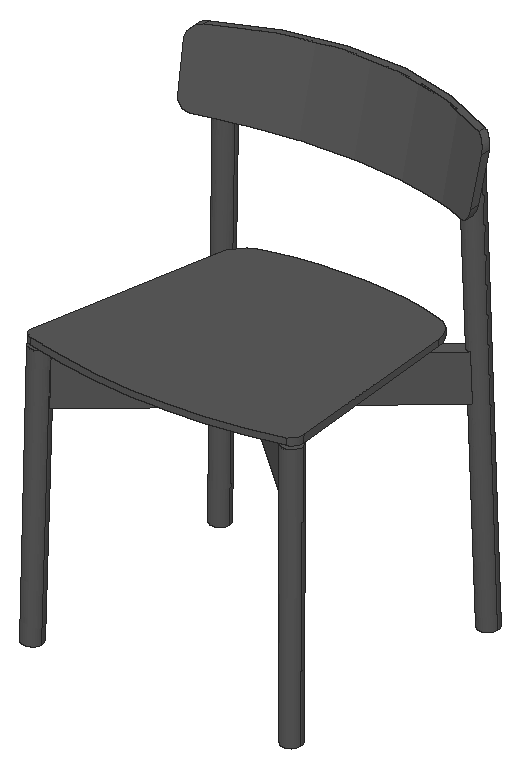
Revit family "Seating-Teknion-CQSXC_Routes_Cross_Chair-R2018", category Furniture, Revit 2018
Family settings
  OmniClass Number = 23.40.20.00
  OmniClass Title = General Furniture and Specialties
  Work Plane-Based = No
  Always vertical = Yes
  Cut with Voids When Loaded = No
  Shared = Yes
  Room Calculation Point = No
Parameters (values of type "Black Wood")
  Wood Finish = Wood - Teknion - CZ - Black
  Warranty = "http://www.teknion.com/ca/papers/legal-canada"
  Unit Weight URL = "http://www.teknion.com/ca/tools/assets#&asset=bee6a381-b954-425e-8283-5a2de3a804f2,f828d448-4b62-4231-9e5f-9a8991c0ed77"
  URL = "www.teknion.com"
  To render please download texture images found here [instance] = "https://assets.teknion.com/web/5e81352c1dfdb467/revit-material-swatches/"
  Sustainability Data = "https://www.teknion.com/ca/tools/assets#&topic=216f99a5-57a0-44fc-b10a-9dee9b29ae4c&asset=444deb64-fe58-4b68-981e-f75e97781df7,b4ff2d81-9f2e-437d-9659-7cffb09c31cf"
  Series = "Routes"  # constant formula
  Product Page URL = "https://www.teknion.com/ca/products/all-products"
  Product Line = "Routes"  # constant formula
  Product Documentation Link = "https://assets.teknion.com/m/72af4764f50e983c/original/Routes-Reference-Guide.pdf"
  Part Number = "CQSXC"  # constant formula
  Model = "CQSXCCZ"
  Manufacturer Phone = "416-661-3370"  # constant formula
  Manufacturer Fax = "416.661.4586"  # constant formula
  Manufacturer Contact Information = "http://www.teknion.com/ca/contactus"
  Manufacturer Address = "1150 Flint Road, Toronto, ON. M3J 2J5. Canada"  # constant formula
  Manufacturer = "Teknion"  # constant formula
  How To Use Teknion Materials User Guide [instance] = "https://assets.teknion.com/m/205dd0a49fa58060/original/How-to-add-a-Material-Library-and-Texture-Images-to-your-Revit-project.pdf"
  For Additional Finishes please visit [instance] = "https://assets.teknion.com/m/44a8009b046e5d47/original/Teknion_Materials_Library.zip"
  Description = "TAKT Cross Chair Black"
  Assembly Code = "E2020200"
Types (3): name | Wood Finish | Model | Description
  (no name) | Wood - Teknion - CZ - Black | "CQSXCCZ" | "TAKT Cross Chair Black"
  Light Oak Wood | Wood - Teknion - CW - Light Oak | "CQSXCCW" | "TAKT Cross Chair Light Oak"
  Black Wood | Wood - Teknion - CZ - Black | "CQSXCCZ" | "TAKT Cross Chair Black"
Reference planes (in)
  plane 1 "Center Front/Back": y = 0
  plane 2: z = 0
  plane 3 "Center Left/Right": x = 0
  plane 4 "Left": x = -10
  plane 5 "Right": x = 10
  plane 6 "Back": y = 9.5
  plane 7 "Front": y = -9.5
  plane 8 "Top": z = 63
  plane 9: through (-8.57366, 6.72968, 48) normal (0.6735, 0.7392, 0)
  plane 10: through (0, 8.2619, 16.85246) normal (0, 0.0478, 0.9989)
Forms (in)
  Revolve 1, solid, material "Wood - Teknion - CZ - Black" <- "Wood Finish"
    sketch origin (0, 0, 0) x (0, 1, 0) y (0, 0, 1)
      loop
        line (8.00534, 24.53515) -> (9.607, 30.51263) -> (9.17445, 30.62853) -> (7.57279, 24.65105) -> (8.00534, 24.53515)
      axis (-8.7034, 35.41888) -> (-10.30507, 29.4414)
    angle from -38.76 to 38.76
  Sweep 2, void
    path origin (0, 0, 0) x (1, 0, 0) y (0, 1, 0)
      loop
        line (0, 0) -> (0, 10)
    profile origin (0, 5, 0) x (-1, 0, 0) y (0, 0, 1)
      loop
        line (11.97356, 31.99352) -> (-11.97356, 31.99352) -> (-11.97356, 23.59654) -> (11.97356, 23.59654) -> (11.97356, 31.99352)
      loop
        arc (9.97125, 29.43628) -> (9.76631, 29.9918) -> (9.22228, 30.22553) r 0.75
        line (9.22228, 30.22553) -> (0, 30.22553) -> (-9.22228, 30.22553)
        arc (-9.22228, 30.22553) -> (-9.76631, 29.9918) -> (-9.97125, 29.43628) r 0.75
        line (-9.97125, 29.43628) -> (-9.81017, 26.36268)
        arc (-9.81017, 26.36268) -> (-9.54596, 25.73632) -> (-8.94234, 25.42361) r 1
        arc (-8.94234, 25.42361) -> (0, 24.83626) -> (8.94234, 25.42361) r 68.3668
        arc (8.94234, 25.42361) -> (9.54596, 25.73632) -> (9.81017, 26.36268) r 1
        line (9.81017, 26.36268) -> (9.97125, 29.43628)
  SweptBlend 3, solid, material "Wood - Teknion - CZ - Black" <- "Wood Finish"
    path origin (0, 0, 0) x (1, 0, 0) y (0, 0, 1)
      loop
        line (0, 0) -> (0, 28.74254)
    profile origin (0, 0, 0) x (-1, 0, 0) y (0, -1, 0)
      loop
        circle (8.99472, -7.61214) r 0.64
    end profile origin (0, 0, 28.74254) x (-1, 0, 0) y (0, -1, 0)
      loop
        circle (8.22025, -7.15291) r 0.68
  Revolve 4, void
    sketch origin (0, 0, 0) x (0, 1, 0) y (0, 0, 1)
      loop
        line (8.00534, 24.53515) -> (9.607, 30.51263) -> (7.19218, 31.15967) -> (5.59052, 25.18219) -> (8.00534, 24.53515)
      axis (-8.7034, 35.41888) -> (-10.30507, 29.4414)
    angle from -38.76 to 38.76
  SweptBlend 5, solid, material "Wood - Teknion - CZ - Black" <- "Wood Finish"
    path origin (0, 0, 0) x (-1, 0, 0) y (0, 0, 1)
      loop
        line (0, 0) -> (0, 28.74254)
    profile origin (0, 0, 0) x (-1, 0, 0) y (0, -1, 0)
      loop
        circle (-8.99472, -7.61214) r 0.64
    end profile origin (0, 0, 28.74254) x (-1, 0, 0) y (0, -1, 0)
      loop
        circle (-8.22025, -7.15291) r 0.68
  SweptBlend 6, solid, material "Wood - Teknion - CZ - Black" <- "Wood Finish"
    path origin (0, 0, 0) x (1, 0, 0) y (0, 0, 1)
      loop
        line (0, 0) -> (0, 17.69726)
    profile origin (0, 0, 0) x (-1, 0, 0) y (0, -1, 0)
      loop
        circle (8.68535, 8.50315) r 0.64
    end profile origin (0, 0, 17.69726) x (-1, 0, 0) y (0, -1, 0)
      loop
        circle (8.43429, 8.13934) r 0.69
  SweptBlend 7, solid, material "Wood - Teknion - CZ - Black" <- "Wood Finish"
    path origin (0, 0, 0) x (-1, 0, 0) y (0, 0, 1)
      loop
        line (0, 0) -> (0, 17.69726)
    profile origin (0, 0, 0) x (-1, 0, 0) y (0, -1, 0)
      loop
        circle (-8.68535, 8.50315) r 0.64
    end profile origin (0, 0, 17.69726) x (-1, 0, 0) y (0, -1, 0)
      loop
        circle (-8.43429, 8.13934) r 0.69
  Sweep 8, solid, material "Wood - Teknion - CZ - Black" <- "Wood Finish"
    path origin (0, 0, 0) x (1, 0, 0) y (0, 1, 0)
      loop
        line (-2.23407, 0.953) -> (-1.62119, 1.62561)
    profile origin (-1.92763, 1.28931, 0) x (-0.739161, 0.673528, 0) y (0, 0, 1)
      loop
        line (9.05632, 16.67818) -> (5.53982, 16.7701)
        arc (5.53982, 16.7701) -> (5.26783, 16.88276) -> (5.15517, 17.15475) r 0.38464
        line (5.15517, 17.15475) -> (-11.71534, 17.57185)
        arc (-11.71534, 17.57185) -> (-11.82256, 17.31301) -> (-12.0814, 17.20579) r 0.36606
        line (-12.0814, 17.20579) -> (-13.96445, 17.25235) -> (-14.05364, 14.1246) -> (9.16121, 13.55064) -> (9.05632, 16.67818)
  Sweep 9, solid, material "Wood - Teknion - CZ - Black" <- "Wood Finish"
    path origin (0, 0, 0) x (-1, 0, 0) y (0, 1, 0)
      loop
        line (-2.23407, 0.953) -> (-1.62119, 1.62561)
    profile origin (1.92763, 1.28931, 0) x (-0.739161, -0.673528, 0) y (0, 0, 1)
      loop
        line (-9.05632, 16.67818) -> (-9.16121, 13.55064) -> (14.05364, 14.1246) -> (13.96445, 17.25235) -> (12.0814, 17.20579)
        arc (12.0814, 17.20579) -> (11.82256, 17.31301) -> (11.71534, 17.57185) r 0.36606
        line (11.71534, 17.57185) -> (-5.15517, 17.15475)
        arc (-5.15517, 17.15475) -> (-5.26783, 16.88276) -> (-5.53982, 16.7701) r 0.38464
        line (-5.53982, 16.7701) -> (-9.05632, 16.67818)
  Revolve 10, solid, material "Wood - Teknion - CZ - Black" <- "Wood Finish"
    sketch origin (0, 0, 0) x (0, 1, 0) y (0, 0, 1)
      loop
        line (9.06979, 16.81379) -> (9.09108, 17.25866) -> (-10.38662, 18.19088) -> (-10.40791, 17.74602) -> (9.06979, 16.81379)
      axis (15.784, 157.09858) -> (-3.69371, 158.03081)
    angle from -5 to 5
  Sweep 11, void
    path origin (0, 0, 0) x (1, 0, 0) y (0, 0, 1)
      loop
        line (0, 15) -> (0, 21)
    profile origin (0, 0, 18) x (-1, 0, 0) y (0, -1, 0)
      loop
        line (7.35414, -5.49255) -> (9.10521, 8.01451)
        arc (9.10521, 8.01451) -> (8.97566, 8.51787) -> (8.53452, 8.79275) r 0.6992
        arc (8.53452, 8.79275) -> (0, 9.54749) -> (-8.53452, 8.79275) r 48.63093
        arc (-8.53452, 8.79275) -> (-8.97566, 8.51787) -> (-9.10521, 8.01451) r 0.6992
        line (-9.10521, 8.01451) -> (-7.35414, -5.49255)
        arc (-7.35414, -5.49255) -> (-6.83407, -6.70208) -> (-5.75521, -7.45674) r 2.40583
        arc (-5.75521, -7.45674) -> (0, -8.42461) -> (5.75521, -7.45674) r 17.59494
        arc (5.75521, -7.45674) -> (6.83407, -6.70208) -> (7.35414, -5.49255) r 2.40583
      loop
        line (14, -9.5) -> (14, 11) -> (-14, 11) -> (-14, -9.5) -> (14, -9.5)
Cuts and joins
  Sweep 2 cuts Revolve 1
  Revolve 4 cuts SweptBlend 3
  Revolve 4 cuts SweptBlend 5
  joined: SweptBlend 3, SweptBlend 5, SweptBlend 6, SweptBlend 7, Sweep 8, Sweep 9
  Sweep 11 cuts Revolve 10
Lines and regions (in)
  Masking region 1
    outline origin (0, 0, 0) x (1, 0, 0) y (0, 1, 0)
      loop
        arc (-9.10521, -8.01451) -> (-8.97566, -8.51787) -> (-8.53452, -8.79275) r 0.6992
        arc (-8.53452, -8.79275) -> (0, -9.54749) -> (8.53452, -8.79275) r 48.63093
        arc (8.53452, -8.79275) -> (8.97566, -8.51787) -> (9.10521, -8.01451) r 0.6992
        line (9.10521, -8.01451) -> (7.35414, 5.49255)
        arc (7.35414, 5.49255) -> (7.27176, 5.87751) -> (7.12769, 6.24389) r 2.40583
        arc (7.12769, 6.24389) -> (0, 7.61728) -> (-7.12769, 6.24389) r 19.18246
        arc (-7.12769, 6.24389) -> (-7.27176, 5.87751) -> (-7.35414, 5.49255) r 2.40583
        line (-7.35414, 5.49255) -> (-9.10521, -8.01451)
  Masking region 2
    outline origin (0, 0, 0) x (1, 0, 0) y (0, 1, 0)
      loop
        arc (-9.63472, 7.61214) -> (-9.53248, 7.26513) -> (-9.25843, 7.02899) r 0.64
        arc (-9.25843, 7.02899) -> (-9.07743, 7.13304) -> (-8.89527, 7.23502) r 18.39565
        arc (-8.89527, 7.23502) -> (-8.53717, 7.75454) -> (-7.90619, 7.75604) r 0.68
        line (-7.90619, 7.75604) -> (-8.69306, 8.17658)
        arc (-8.69306, 8.17658) -> (-9.32376, 8.16107) -> (-9.63472, 7.61214) r 0.64
      loop
        arc (9.63472, 7.61214) -> (9.32376, 8.16107) -> (8.69306, 8.17658) r 0.64
        line (8.69306, 8.17658) -> (7.90619, 7.75604)
        arc (7.90619, 7.75604) -> (8.53717, 7.75454) -> (8.89527, 7.23502) r 0.68
        arc (8.89527, 7.23502) -> (9.07743, 7.13304) -> (9.25843, 7.02899) r 18.39565
        arc (9.25843, 7.02899) -> (9.53248, 7.26513) -> (9.63472, 7.61214) r 0.64
  Masking region 3
    outline origin (0, 0, 0) x (1, 0, 0) y (0, 1, 0)
      loop
        arc (-8.89527, 7.23502) -> (-8.39822, 7.49976) -> (-7.89331, 7.74916) r 18.39565
        arc (-7.89331, 7.74916) -> (-8.53069, 7.75791) -> (-8.89527, 7.23502) r 0.68
      loop
        arc (8.89527, 7.23502) -> (8.53069, 7.75791) -> (7.89331, 7.74916) r 0.68
        arc (7.89331, 7.74916) -> (8.39822, 7.49976) -> (8.89527, 7.23502) r 18.39565
  Masking region 4
    outline origin (0, 0, 0) x (1, 0, 0) y (0, 1, 0)
      loop
        spline (-8.94234, 5.39495) -> (-7.55064, 6.06738) -> (-6.10555, 6.62304) -> (-4.61731, 7.05841) -> (-3.09649, 7.37115) -> (-1.5538, 7.55951) -> (-0.00014, 7.62242) -> (1.55352, 7.55953) -> (3.09621, 7.37117) -> (4.61707, 7.05846) -> (6.10533, 6.6231) -> (7.5505, 6.06754) -> (8.94234, 5.39495)
        spline (8.94234, 5.39495) -> (9.04797, 5.33938) -> (9.15137, 5.28734) -> (9.25278, 5.23874) -> (9.35073, 5.19457) -> (9.44338, 5.15605) -> (9.5291, 5.12411) -> (9.60623, 5.09993) -> (9.67311, 5.08425) -> (9.72775, 5.07824) -> (9.76949, 5.0818) -> (9.79689, 5.09517) -> (9.81017, 5.11841)
        line (9.81017, 5.11841) -> (9.97125, 5.83655)
        spline (9.97125, 5.83655) -> (9.96825, 5.86863) -> (9.95038, 5.90896) -> (9.91748, 5.9576) -> (9.8726, 6.01173) -> (9.81669, 6.07043) -> (9.75154, 6.1322) -> (9.67827, 6.19605) -> (9.59794, 6.26108) -> (9.51165, 6.32629) -> (9.42049, 6.39074) -> (9.32515, 6.45377) -> (9.22594, 6.51507)
        arc (9.22594, 6.51507) -> (0, 9.06496) -> (-9.22594, 6.51507) r 17.9654
        spline (-9.22594, 6.51507) -> (-9.3248, 6.45403) -> (-9.42003, 6.39108) -> (-9.51148, 6.32641) -> (-9.59788, 6.26112) -> (-9.67813, 6.19617) -> (-9.75137, 6.13235) -> (-9.81662, 6.07051) -> (-9.87263, 6.01173) -> (-9.91742, 5.95768) -> (-9.95039, 5.90898) -> (-9.9682, 5.8687) -> (-9.97125, 5.83655)
        line (-9.97125, 5.83655) -> (-9.81017, 5.11841)
        spline (-9.81017, 5.11841) -> (-9.79689, 5.09517) -> (-9.76949, 5.0818) -> (-9.72775, 5.07824) -> (-9.67311, 5.08425) -> (-9.60623, 5.09993) -> (-9.5291, 5.12411) -> (-9.44338, 5.15605) -> (-9.35073, 5.19457) -> (-9.25278, 5.23874) -> (-9.15137, 5.28734) -> (-9.04797, 5.33938) -> (-8.94234, 5.39495)
  Masking region 5
    outline origin (0, 0, 0) x (1, 0, 0) y (0, 1, 0)
      loop
        arc (-9.22594, 6.51507) -> (0, 9.06496) -> (9.22594, 6.51507) r 17.9654
        spline (9.22594, 6.51507) -> (9.32527, 6.45366) -> (9.42066, 6.39059) -> (9.5117, 6.32625) -> (9.59789, 6.26112) -> (9.67826, 6.19607) -> (9.75154, 6.13221) -> (9.81672, 6.07041) -> (9.87252, 6.01179) -> (9.91761, 5.9575) -> (9.95033, 5.909) -> (9.96827, 5.86862) -> (9.97125, 5.83655)
        line (9.97125, 5.83655) -> (9.97645, 6.38149)
        spline (9.97645, 6.38149) -> (9.96817, 6.41841) -> (9.94824, 6.46094) -> (9.91695, 6.5085) -> (9.87472, 6.56044) -> (9.82214, 6.61604) -> (9.75993, 6.67453) -> (9.68895, 6.7351) -> (9.61019, 6.79691) -> (9.52474, 6.85911) -> (9.43377, 6.92084) -> (9.33854, 6.98125) -> (9.24037, 7.03949)
        arc (9.24037, 7.03949) -> (0.01272, 9.52868) -> (-9.21837, 7.05225) r 18.39565
        spline (-9.21837, 7.05225) -> (-9.31749, 6.99126) -> (-9.41406, 6.92822) -> (-9.50669, 6.86402) -> (-9.59405, 6.79959) -> (-9.67488, 6.73585) -> (-9.74804, 6.67371) -> (-9.81247, 6.61408) -> (-9.86724, 6.55779) -> (-9.91158, 6.50566) -> (-9.94484, 6.45844) -> (-9.96655, 6.4168) -> (-9.97639, 6.38134)
        line (-9.97639, 6.38134) -> (-9.97125, 5.83655)
        spline (-9.97125, 5.83655) -> (-9.96821, 5.86869) -> (-9.95028, 5.90908) -> (-9.91759, 5.95753) -> (-9.87226, 6.01204) -> (-9.8165, 6.07061) -> (-9.75146, 6.13228) -> (-9.67822, 6.19611) -> (-9.59782, 6.26117) -> (-9.51137, 6.3265) -> (-9.42006, 6.39105) -> (-9.32483, 6.45399) -> (-9.22594, 6.51507)
  Masking region 6
    outline origin (0, 0, 0) x (1, 0, 0) y (0, 1, 0)
      loop
        arc (-8.15347, -8.85911) -> (-8.25363, -8.84197) -> (-8.35375, -8.82462) r 48.63093
        arc (-8.35375, -8.82462) -> (-8.89283, -8.65493) -> (-9.12429, -8.13934) r 0.69
        arc (-9.12429, -8.13934) -> (-9.1172, -8.04069) -> (-9.09608, -7.94408) r 0.69
        line (-9.09608, -7.94408) -> (-9.09096, -7.90457) -> (-9.24968, -8.20127)
        arc (-9.24968, -8.20127) -> (-9.30614, -8.34754) -> (-9.32535, -8.50315) r 0.64
        arc (-9.32535, -8.50315) -> (-8.87136, -9.11553) -> (-8.15347, -8.85911) r 0.64
      loop
        arc (8.15347, -8.85911) -> (8.87136, -9.11553) -> (9.32535, -8.50315) r 0.64
        arc (9.32535, -8.50315) -> (9.30614, -8.34754) -> (9.24968, -8.20127) r 0.64
        line (9.24968, -8.20127) -> (9.09096, -7.90457) -> (9.09608, -7.94408)
        arc (9.09608, -7.94408) -> (9.1172, -8.04069) -> (9.12429, -8.13934) r 0.69
        arc (9.12429, -8.13934) -> (8.89283, -8.65493) -> (8.35375, -8.82462) r 0.69
        arc (8.35375, -8.82462) -> (8.25363, -8.84197) -> (8.15347, -8.85911) r 48.63093
  Masking region 7
    outline origin (0, 0, 0) x (1, 0, 0) y (0, 1, 0)
      loop
        line (-7.74903, 5.97827) -> (-7.33721, 5.60301)
        arc (-7.33721, 5.60301) -> (-7.25548, 5.92939) -> (-7.12902, 6.24117) r 2.40583
        arc (-7.12902, 6.24117) -> (-7.44019, 6.11246) -> (-7.74903, 5.97827) r 19.05883
      loop
        arc (7.74903, 5.97827) -> (7.44019, 6.11246) -> (7.12902, 6.24117) r 19.05883
        arc (7.12902, 6.24117) -> (7.25548, 5.92939) -> (7.33721, 5.60301) r 2.40583
        line (7.33721, 5.60301) -> (7.74903, 5.97827)
  Masking region 8
    outline origin (0, 0, 0) x (1, 0, 0) y (0, 1, 0)
      loop
        arc (-8.35375, -8.82462) -> (-8.44415, -8.80877) -> (-8.53452, -8.79275) r 48.63093
        arc (-8.53452, -8.79275) -> (-8.97566, -8.51787) -> (-9.10521, -8.01451) r 0.6992
        line (-9.10521, -8.01451) -> (-9.09608, -7.94408)
        arc (-9.09608, -7.94408) -> (-9.1172, -8.04069) -> (-9.12429, -8.13934) r 0.69
        arc (-9.12429, -8.13934) -> (-8.89283, -8.65493) -> (-8.35375, -8.82462) r 0.69
      loop
        arc (8.35375, -8.82462) -> (8.89283, -8.65493) -> (9.12429, -8.13934) r 0.69
        arc (9.12429, -8.13934) -> (9.1172, -8.04069) -> (9.09608, -7.94408) r 0.69
        line (9.09608, -7.94408) -> (9.10521, -8.01451)
        arc (9.10521, -8.01451) -> (8.97566, -8.51787) -> (8.53452, -8.79275) r 0.6992
        arc (8.53452, -8.79275) -> (8.44415, -8.80877) -> (8.35375, -8.82462) r 48.63093
  symbolic lines, style "FurnitureHiddenLines", detail levels fine
    curve 1: arc (-9.22485, -8.15886, 0) -> (-8.34076, -7.96384, 0) -> (-8.14623, -8.84804, 0) r 0.64
    curve 2: arc (8.20305, -8.92385, 0) -> (8.30179, -7.99082, 0) -> (9.22485, -8.15886, 0) r 0.64
    curve 3: arc (9.34697, 7.07779, 0) -> (8.44474, 7.28484, 0) -> (8.69306, 8.17658, 0) r 0.64
    curve 4: arc (-8.69306, 8.17658, 0) -> (-8.44474, 7.28484, 0) -> (-9.34697, 7.07779, 0) r 0.64
    curve 19: arc (-8.89527, 7.23502, 0) -> (-8.89212, 7.04811, 0) -> (-8.8382, 6.86912, 0) r 0.68
    curve 23: line (-5.716, 5.35684, 0) -> (-6.32889, 4.68423, 0)
    curve 24: line (-5.43169, 5.09777, 0) -> (-6.04457, 4.42516, 0)
    curve 25: line (-6.69603, -7.18416, 0) -> (-7.30891, -6.51155, 0)
    curve 26: line (-6.42545, -6.93761, 0) -> (-7.03834, -6.265, 0)
    curve 27: line (7.30891, -6.51155, 0) -> (6.69603, -7.18416, 0)
    curve 28: line (7.03834, -6.265, 0) -> (6.42545, -6.93761, 0)
    curve 29: line (6.32889, 4.68423, 0) -> (5.716, 5.35684, 0)
    curve 30: line (6.04457, 4.42516, 0) -> (5.43169, 5.09777, 0)
    curve 37: arc (-5.75521, 7.45674, 0) -> (-6.83407, 6.70208, 0) -> (-7.35414, 5.49255, 0) r 2.40583
    curve 38: arc (5.75521, 7.45674, 0) -> (0, 8.42461, 0) -> (-5.75521, 7.45674, 0) r 17.59494
    curve 39: arc (7.35414, 5.49255, 0) -> (6.83407, 6.70208, 0) -> (5.75521, 7.45674, 0) r 2.40583
    curve 40: line (-9.80728, 5.64966, 0) -> (-9.97125, 6.3842, 0)
    curve 41: spline (-8.94472, 5.92256, 0) -> (-9.04585, 5.86984, 0) -> (-9.14621, 5.82068, 0) -> (-9.24429, 5.77583, 0) -> (-9.3386, 5.73597, 0) -> (-9.4277, 5.70171, 0) -> (-9.51026, 5.67355, 0) -> (-9.58502, 5.65193, 0) -> (-9.65085, 5.63718, 0) -> (-9.70676, 5.62952, 0) -> (-9.75189, 5.62905, 0) -> (-9.78557, 5.6358, 0) -> (-9.80728, 5.64966, 0)
    curve 42: line (8.94492, 5.92256, 0) -> (-8.94472, 5.92256, 0)
    curve 43: spline (9.80711, 5.64892, 0) -> (9.78452, 5.63251, 0) -> (9.75009, 5.62364, 0) -> (9.70434, 5.62243, 0) -> (9.64798, 5.62892, 0) -> (9.58186, 5.64299, 0) -> (9.507, 5.66443, 0) -> (9.42452, 5.69293, 0) -> (9.33569, 5.72803, 0) -> (9.24186, 5.76922, 0) -> (9.14446, 5.81585, 0) -> (9.04498, 5.86723, 0) -> (8.94492, 5.92256, 0)
    curve 44: line (9.97125, 6.3842, 0) -> (9.80711, 5.64892, 0)
  symbolic lines, style "FurnitureHiddenLines", detail levels medium+fine
    curve 5: line (8.43231, -7.5352, 0) -> (-7.97053, 7.41117, 0)
    curve 6: line (7.80549, -8.19511, 0) -> (-8.58297, 6.73817, 0)
    curve 7: line (7.97053, 7.41117, 0) -> (-8.43231, -7.5352, 0)
    curve 8: line (8.58297, 6.73817, 0) -> (-7.80549, -8.19511, 0)
    curve 9: spline (-7.97053, 7.41117, 0) -> (-7.97379, 7.32758, 0) -> (-7.98764, 7.24508, 0) -> (-8.01183, 7.16499, 0) -> (-8.04598, 7.08862, 0) -> (-8.08954, 7.01719, 0) -> (-8.1418, 6.95187, 0) -> (-8.20193, 6.89369, 0) -> (-8.26895, 6.84361, 0) -> (-8.34177, 6.80243, 0) -> (-8.41923, 6.77081, 0) -> (-8.50006, 6.74928, 0) -> (-8.58297, 6.73817, 0)
    curve 10: spline (7.97053, 7.41117, 0) -> (7.97379, 7.32758, 0) -> (7.98764, 7.24508, 0) -> (8.01183, 7.16499, 0) -> (8.04598, 7.08862, 0) -> (8.08954, 7.01719, 0) -> (8.1418, 6.95187, 0) -> (8.20193, 6.89369, 0) -> (8.26895, 6.84361, 0) -> (8.34177, 6.80243, 0) -> (8.41923, 6.77081, 0) -> (8.50006, 6.74928, 0) -> (8.58297, 6.73817, 0)
    curve 11: spline (-8.43231, -7.5352, 0) -> (-8.35008, -7.54672, 0) -> (-8.26987, -7.56818, 0) -> (-8.19287, -7.59926, 0) -> (-8.12023, -7.63949, 0) -> (-8.05303, -7.68827, 0) -> (-7.99227, -7.74488, 0) -> (-7.93887, -7.80846, 0) -> (-7.8936, -7.87808, 0) -> (-7.85716, -7.9527, 0) -> (-7.83009, -8.03119, 0) -> (-7.81278, -8.1124, 0) -> (-7.80549, -8.19511, 0)
    curve 12: spline (7.80549, -8.19511, 0) -> (7.81278, -8.1124, 0) -> (7.83009, -8.03119, 0) -> (7.85716, -7.9527, 0) -> (7.8936, -7.87808, 0) -> (7.93887, -7.80846, 0) -> (7.99227, -7.74488, 0) -> (8.05303, -7.68827, 0) -> (8.12023, -7.63949, 0) -> (8.19287, -7.59926, 0) -> (8.26987, -7.56818, 0) -> (8.35008, -7.54672, 0) -> (8.43231, -7.5352, 0)
    curve 13: arc (-7.90882, -8.58653, 0) -> (-8.04729, -7.56808, 0) -> (-9.04447, -7.81719, 0) r 0.69
    curve 14: arc (9.04447, -7.81719, 0) -> (8.04729, -7.56808, 0) -> (7.90882, -8.58653, 0) r 0.69
    curve 15: line (7.57468, 7.17232, 0) -> (8.8382, 6.86912, 0)
    curve 16: spline (7.89024, 7.75448, 0) -> (7.83512, 7.71958, 0) -> (7.78515, 7.68212, 0) -> (7.74038, 7.64212, 0) -> (7.70084, 7.5996, 0) -> (7.66653, 7.55459, 0) -> (7.6375, 7.50712, 0) -> (7.61375, 7.45721, 0) -> (7.5953, 7.40491, 0) -> (7.58216, 7.35023, 0) -> (7.57434, 7.29321, 0) -> (7.57184, 7.2339, 0) -> (7.57468, 7.17232, 0)
    curve 17: arc (8.8382, 6.86912, 0) -> (8.89212, 7.04811, 0) -> (8.89527, 7.23502, 0) r 0.68
    curve 18: line (-8.8382, 6.86912, 0) -> (-7.57468, 7.17232, 0)
    curve 20: spline (-7.57468, 7.17232, 0) -> (-7.57183, 7.23426, 0) -> (-7.57438, 7.29393, 0) -> (-7.58234, 7.35127, 0) -> (-7.59569, 7.40626, 0) -> (-7.61443, 7.45887, 0) -> (-7.63855, 7.50905, 0) -> (-7.66802, 7.55679, 0) -> (-7.70284, 7.60204, 0) -> (-7.74298, 7.64478, 0) -> (-7.78841, 7.68498, 0) -> (-7.83911, 7.72262, 0) -> (-7.89504, 7.75767, 0)
    curve 21: arc (-7.62211, 7.47638, 0) -> (-8.23568, 7.18381, 0) -> (-8.8382, 6.86912, 0) r 18.68409
    curve 22: arc (8.8382, 6.86912, 0) -> (8.23568, 7.18381, 0) -> (7.62211, 7.47638, 0) r 18.68409
    curve 31: line (-8.66258, 6.62664, 0) -> (-9.34697, 7.07779, 0)
    curve 32: line (8.66258, 6.62664, 0) -> (9.34697, 7.07779, 0)
    curve 33: line (7.90882, -8.58653, 0) -> (8.20305, -8.92385, 0)
    curve 34: line (9.22485, -8.15886, 0) -> (9.04447, -7.81719, 0)
    curve 35: line (-7.90882, -8.58653, 0) -> (-8.20305, -8.92385, 0)
    curve 36: line (-9.22485, -8.15886, 0) -> (-9.04447, -7.81719, 0)
Dimensions and locks (in)
  plane 4 "Left" to plane 5 "Right" = 20.000"
  plane 6 "Back" to plane 7 "Front" = 19.000"
  plane 8 "Top" to level = 63.000"
  equal spacing: plane 4 "Left", plane 3 "Center Left/Right", plane 5 "Right"
  equal spacing: plane 6 "Back", plane 1 "Center Front/Back", plane 7 "Front"
  plane 3 "Center Left/Right" to Sweep 11 sketch curve = 14.000"
  Sweep 11 sketch curve to plane 3 "Center Left/Right" = 14.000"
  Sweep 11 sketch curve to plane 1 "Center Front/Back" = 11.000"
  plane 1 "Center Front/Back" to Sweep 11 sketch curve = 9.500"
  aligned and locked: level to plane 2
Automatic sketch dimensions
  Revolve 1 sketch curve to plane 6 "Back" = 1.92721"
  Revolve 1 sketch curve to Revolve 1 sketch curve = 0.43255"
  Revolve 1 sketch curve to plane 6 "Back" = 0.32555"
  level to Revolve 1 sketch curve = 24.53515"
  Revolve 1 sketch curve to Revolve 1 sketch curve = 0.1159"
  Revolve 1 sketch curve to plane 7 "Front" = 0.51892"
  plane 7 "Front" to Revolve 1 sketch curve = 0.77517"
  Revolve 1 sketch curve to Revolve 1 sketch curve = 4.90191"
  Revolve 1 sketch curve to Revolve 1 sketch curve = 4.82963"
  Sweep 2 sketch curve to plane 3 "Center Left/Right" = 0.000"
  plane 1 "Center Front/Back" to Sweep 2 sketch curve = 0.000"
  plane 6 "Back" to Sweep 2 sketch curve = 0.500"
  Sweep 2 sketch curve to profile plane = 0.000"  (x2)
  profile plane to Sweep 2 sketch curve = 8.81154"
  Sweep 2 sketch curve to Sweep 2 sketch curve = 0.41074"  (x2)
  Sweep 2 sketch curve to Sweep 2 sketch curve = 0.99863"  (x2)
  Sweep 2 sketch curve to Sweep 2 sketch curve = 0.74897"  (x2)
  Sweep 2 sketch curve to Sweep 2 sketch curve = 2.16338"
  Sweep 2 sketch curve to profile plane = 8.81154"
  Sweep 2 sketch curve to Sweep 2 sketch curve = 2.0023"
  level to Sweep 2 sketch curve = 23.59654"
  Sweep 2 sketch curve to Sweep 2 sketch curve = 2.76615"  (x2)
  Sweep 2 sketch curve to Sweep 2 sketch curve = 0.05234"  (x2)
  Sweep 2 sketch curve to Sweep 2 sketch curve = 3.07359"  (x2)
  Sweep 2 sketch curve to Sweep 2 sketch curve = 0.03925"
  Sweep 2 sketch curve to Sweep 2 sketch curve = 2.55724"
  Sweep 2 sketch curve to Sweep 2 sketch curve = 61.20955"
  Sweep 2 sketch curve to Sweep 2 sketch curve = 0.000"
  SweptBlend 3 sketch curve to plane 3 "Center Left/Right" = 0.000"
  SweptBlend 3 sketch curve to level = 0.000"
  SweptBlend 3 sketch curve to SweptBlend 3 sketch curve = 28.74254"
  SweptBlend 3 sketch curve to profile plane = 8.99472"
  SweptBlend 3 sketch curve to plane 1 "Center Front/Back" = 7.61214"
  SweptBlend 3 sketch curve to profile plane = 8.22025"
  SweptBlend 3 sketch curve to plane 1 "Center Front/Back" = 7.15291"
  Revolve 4 sketch curve to plane 6 "Back" = 3.90948"
  Revolve 4 sketch curve to plane 6 "Back" = 2.30782"
  Revolve 4 sketch curve to plane 6 "Back" = 1.49466"
  level to Revolve 4 sketch curve = 24.53515"
  Revolve 4 sketch curve to Revolve 4 sketch curve = 0.64705"
  Revolve 4 sketch curve to plane 7 "Front" = 0.51892"
  plane 7 "Front" to Revolve 4 sketch curve = 0.77517"
  Revolve 4 sketch curve to Revolve 4 sketch curve = 4.37077"
  Revolve 4 sketch curve to Revolve 4 sketch curve = 4.82963"
  SweptBlend 5 sketch curve to plane 3 "Center Left/Right" = 0.000"
  SweptBlend 5 sketch curve to level = 0.000"
  SweptBlend 5 sketch curve to SweptBlend 5 sketch curve = 28.74254"
  profile plane to SweptBlend 5 sketch curve = 8.99472"
  SweptBlend 5 sketch curve to plane 1 "Center Front/Back" = 7.61214"
  profile plane to SweptBlend 5 sketch curve = 8.22025"
  SweptBlend 5 sketch curve to plane 1 "Center Front/Back" = 7.15291"
  SweptBlend 6 sketch curve to plane 3 "Center Left/Right" = 0.000"
  SweptBlend 6 sketch curve to level = 0.000"
  SweptBlend 6 sketch curve to SweptBlend 6 sketch curve = 17.69726"
  SweptBlend 6 sketch curve to profile plane = 8.68535"
  plane 1 "Center Front/Back" to SweptBlend 6 sketch curve = 8.50315"
  SweptBlend 6 sketch curve to profile plane = 8.43429"
  plane 1 "Center Front/Back" to SweptBlend 6 sketch curve = 8.13934"
  SweptBlend 7 sketch curve to plane 3 "Center Left/Right" = 0.000"
  SweptBlend 7 sketch curve to level = 0.000"
  SweptBlend 7 sketch curve to SweptBlend 7 sketch curve = 17.69726"
  profile plane to SweptBlend 7 sketch curve = 8.68535"
  plane 1 "Center Front/Back" to SweptBlend 7 sketch curve = 8.50315"
  profile plane to SweptBlend 7 sketch curve = 8.43429"
  plane 1 "Center Front/Back" to SweptBlend 7 sketch curve = 8.13934"
  Sweep 8 sketch curve to plane 9 = 0.000"
  Sweep 8 sketch curve to plane 1 "Center Front/Back" = 0.953"
  Sweep 8 sketch curve to Sweep 8 sketch curve = 0.61288"
  Sweep 8 sketch curve to Sweep 8 sketch curve = 0.67261"
  profile plane to Sweep 8 sketch curve = 14.05364"
  Sweep 8 sketch curve to Sweep 8 sketch curve = 0.08919"
  Sweep 8 sketch curve to Sweep 8 sketch curve = 1.88305"
  Sweep 8 sketch curve to Sweep 8 sketch curve = 0.36606"
  Sweep 8 sketch curve to profile plane = 5.15517"
  Sweep 8 sketch curve to Sweep 8 sketch curve = 0.38464"
  Sweep 8 sketch curve to Sweep 8 sketch curve = 3.5165"
  Sweep 8 sketch curve to Sweep 8 sketch curve = 0.10489"
  level to Sweep 8 sketch curve = 13.55064"
  level to Sweep 8 sketch curve = 14.1246"
  Sweep 8 sketch curve to Sweep 8 sketch curve = 3.12754"
  Sweep 8 sketch curve to Sweep 8 sketch curve = 0.09193"
  Sweep 8 sketch curve to Sweep 8 sketch curve = 3.08119"
  Sweep 8 sketch curve to Sweep 8 sketch curve = 0.04656"
  plane 1 "Center Front/Back" to Sweep 9 sketch curve = 0.953"
  Sweep 9 sketch curve to plane 3 "Center Left/Right" = 2.23407"
  Sweep 9 sketch curve to Sweep 9 sketch curve = 0.61288"
  Sweep 9 sketch curve to Sweep 9 sketch curve = 0.67261"
  profile plane to Sweep 9 sketch curve = 9.16121"
  Sweep 9 sketch curve to Sweep 9 sketch curve = 0.10489"
  Sweep 9 sketch curve to Sweep 9 sketch curve = 3.5165"
  Sweep 9 sketch curve to Sweep 9 sketch curve = 0.38464"
  Sweep 9 sketch curve to profile plane = 11.71534"
  Sweep 9 sketch curve to Sweep 9 sketch curve = 0.36606"
  Sweep 9 sketch curve to Sweep 9 sketch curve = 1.88305"
  Sweep 9 sketch curve to Sweep 9 sketch curve = 0.08919"
  level to Sweep 9 sketch curve = 13.55064"
  level to Sweep 9 sketch curve = 14.1246"
  Sweep 9 sketch curve to Sweep 9 sketch curve = 3.12754"
  Sweep 9 sketch curve to Sweep 9 sketch curve = 0.09193"
  Sweep 9 sketch curve to Sweep 9 sketch curve = 3.08119"
  Sweep 9 sketch curve to Sweep 9 sketch curve = 0.04656"
  Revolve 10 sketch curve to plane 10 = 0.000"  (x2)
  plane 7 "Front" to Revolve 10 sketch curve = 0.90791"
  Revolve 10 sketch curve to Revolve 10 sketch curve = 0.02129"
  Revolve 10 sketch curve to plane 6 "Back" = 0.43021"
  Revolve 10 sketch curve to plane 7 "Front" = 0.74922"
  plane 6 "Back" to Revolve 10 sketch curve = 7.96921"
  plane 8 "Top" to Revolve 10 sketch curve = 94.01793"
  Revolve 10 sketch curve to Revolve 10 sketch curve = 1.25492"
  Sweep 11 sketch curve to plane 3 "Center Left/Right" = 0.000"
  level to Sweep 11 sketch curve = 15.000"
  Sweep 11 sketch curve to Sweep 11 sketch curve = 6.000"
  Sweep 11 sketch curve to profile plane = 0.000"  (x2)
  profile plane to Sweep 11 sketch curve = 4.96828"
  Sweep 11 sketch curve to Sweep 11 sketch curve = 2.38587"  (x2)
  Sweep 11 sketch curve to Sweep 11 sketch curve = 0.6934"  (x2)
  Sweep 11 sketch curve to Sweep 11 sketch curve = 4.89479"  (x2)
  Sweep 11 sketch curve to profile plane = 4.96828"
  Sweep 11 sketch curve to plane 1 "Center Front/Back" = 39.08344"
  Sweep 11 sketch curve to plane 1 "Center Front/Back" = 5.49255"  (x2)
  Sweep 11 sketch curve to Sweep 11 sketch curve = 0.30931"  (x2)
  plane 1 "Center Front/Back" to Sweep 11 sketch curve = 8.01451"
  Sweep 11 sketch curve to Sweep 11 sketch curve = 0.08989"  (x2)
  Sweep 11 sketch curve to Sweep 11 sketch curve = 1.06593"
  Sweep 11 sketch curve to Sweep 11 sketch curve = 2.98549"
  Sweep 11 sketch curve to Sweep 11 sketch curve = 0.000"  (x2)
  Masking region 1 sketch curve to plane 3 "Center Left/Right" = 0.000"  (x2)
  Masking region 1 sketch curve to Masking region 1 sketch curve = 2.38587"
  plane 4 "Left" to Masking region 1 sketch curve = 1.58818"
  Masking region 1 sketch curve to Masking region 1 sketch curve = 0.6934"  (x2)
  plane 5 "Right" to Masking region 1 sketch curve = 1.58818"
  plane 7 "Front" to Masking region 1 sketch curve = 2.06518"
  Masking region 1 sketch curve to plane 7 "Front" = 1.3956"  (x2)
  Masking region 1 sketch curve to Masking region 1 sketch curve = 0.08989"  (x2)
  Masking region 1 sketch curve to Masking region 1 sketch curve = 0.30931"  (x2)
  plane 6 "Back" to Masking region 1 sketch curve = 29.58344"
  Masking region 1 sketch curve to plane 6 "Back" = 3.25611"  (x2)
  Masking region 1 sketch curve to Masking region 1 sketch curve = 0.22645"  (x2)
  Masking region 1 sketch curve to Masking region 1 sketch curve = 0.000"
  Masking region 1 sketch curve to Masking region 1 sketch curve = 0.75133"
  plane 4 "Left" to Masking region 1 sketch curve = 2.64586"
  Masking region 2 sketch curve to Masking region 2 sketch curve = 0.000"  (x6)
  Masking region 2 sketch curve to plane 3 "Center Left/Right" = 0.000"
  plane 4 "Left" to Masking region 2 sketch curve = 2.09381"
  Masking region 2 sketch curve to Masking region 2 sketch curve = 0.31406"  (x2)
  Masking region 2 sketch curve to Masking region 2 sketch curve = 0.78687"  (x2)
  Masking region 2 sketch curve to Masking region 2 sketch curve = 0.30167"  (x2)
  plane 5 "Right" to Masking region 2 sketch curve = 2.09381"
  Masking region 2 sketch curve to plane 7 "Front" = 0.63303"
  Masking region 2 sketch curve to plane 6 "Back" = 2.34709"  (x2)
  Masking region 2 sketch curve to Masking region 2 sketch curve = 0.45922"  (x2)
  Masking region 2 sketch curve to Masking region 2 sketch curve = 0.60313"  (x2)
  Masking region 2 sketch curve to Masking region 2 sketch curve = 0.56444"  (x2)
  Masking region 2 sketch curve to Masking region 2 sketch curve = 0.09945"  (x2)
  Masking region 3 sketch curve to Masking region 3 sketch curve = 0.000"  (x2)
  Masking region 3 sketch curve to plane 3 "Center Left/Right" = 0.000"
  plane 4 "Left" to Masking region 3 sketch curve = 1.77975"
  plane 5 "Right" to Masking region 3 sketch curve = 1.77975"
  Masking region 3 sketch curve to plane 7 "Front" = 0.63303"
  Masking region 3 sketch curve to plane 6 "Back" = 2.34709"  (x2)
  Masking region 3 sketch curve to Masking region 3 sketch curve = 0.32694"  (x2)
  Masking region 3 sketch curve to Masking region 3 sketch curve = 0.67502"  (x2)
  plane 4 "Left" to Masking region 4 sketch curve = 1.05766"
  Masking region 4 sketch curve to plane 6 "Back" = 4.10505"
  plane 4 "Left" to Masking region 4 sketch curve = 0.18983"
  plane 5 "Right" to Masking region 4 sketch curve = 1.05766"
  Masking region 4 sketch curve to Masking region 4 sketch curve = 0.27653"
  plane 4 "Left" to Masking region 4 sketch curve = 0.02875"
  Masking region 4 sketch curve to Masking region 4 sketch curve = 0.71813"  (x2)
  plane 4 "Left" to Masking region 4 sketch curve = 0.77406"
  Masking region 4 sketch curve to Masking region 4 sketch curve = 0.67852"  (x2)
  Masking region 4 sketch curve to plane 3 "Center Left/Right" = 0.000"
  Masking region 4 sketch curve to plane 7 "Front" = 0.59956"
  plane 5 "Right" to Masking region 4 sketch curve = 0.77406"
  plane 5 "Right" to Masking region 4 sketch curve = 0.02875"
  plane 5 "Right" to Masking region 4 sketch curve = 0.18983"
  Masking region 5 sketch curve to plane 3 "Center Left/Right" = 0.000"  (x2)
  plane 4 "Left" to Masking region 5 sketch curve = 0.77406"
  plane 5 "Right" to Masking region 5 sketch curve = 0.77406"
  plane 5 "Right" to Masking region 5 sketch curve = 0.02875"
  plane 5 "Right" to Masking region 5 sketch curve = 0.02355"
  Masking region 5 sketch curve to plane 7 "Front" = 0.59956"
  Masking region 5 sketch curve to Masking region 5 sketch curve = 0.03347"
  Masking region 5 sketch curve to plane 6 "Back" = 3.66345"
  Masking region 5 sketch curve to Masking region 5 sketch curve = 0.54495"
  Masking region 5 sketch curve to Masking region 5 sketch curve = 0.13357"
  Masking region 5 sketch curve to Masking region 5 sketch curve = 0.08657"
  Masking region 5 sketch curve to Masking region 5 sketch curve = 0.079"
  plane 4 "Left" to Masking region 5 sketch curve = 0.03056"
  plane 4 "Left" to Masking region 5 sketch curve = 0.02875"
  plane 4 "Left" to Masking region 5 sketch curve = 0.02361"
  Masking region 5 sketch curve to Masking region 5 sketch curve = 0.94229"
  Masking region 5 sketch curve to Masking region 5 sketch curve = 0.10012"
  Masking region 5 sketch curve to Masking region 5 sketch curve = 0.11455"
  Masking region 5 sketch curve to Masking region 5 sketch curve = 0.67852"
  Masking region 5 sketch curve to Masking region 5 sketch curve = 0.50553"
  Masking region 5 sketch curve to Masking region 5 sketch curve = 0.03926"
  Masking region 6 sketch curve to Masking region 6 sketch curve = 0.000"  (x10)
  Masking region 6 sketch curve to plane 3 "Center Left/Right" = 0.000"
  plane 4 "Left" to Masking region 6 sketch curve = 1.56571"
  Masking region 6 sketch curve to Masking region 6 sketch curve = 0.25106"  (x2)
  Masking region 6 sketch curve to Masking region 6 sketch curve = 0.65667"  (x2)
  Masking region 6 sketch curve to Masking region 6 sketch curve = 0.00512"  (x2)
  Masking region 6 sketch curve to Masking region 6 sketch curve = 0.1536"  (x2)
  plane 5 "Right" to Masking region 6 sketch curve = 1.56571"
  Masking region 6 sketch curve to plane 7 "Front" = 0.99685"  (x2)
  Masking region 6 sketch curve to Masking region 6 sketch curve = 0.30188"  (x2)
  Masking region 6 sketch curve to Masking region 6 sketch curve = 0.36381"  (x2)
  Masking region 6 sketch curve to Masking region 6 sketch curve = 0.19526"  (x2)
  Masking region 6 sketch curve to Masking region 6 sketch curve = 0.03951"  (x2)
  plane 6 "Back" to Masking region 6 sketch curve = 29.58344"
  Masking region 6 sketch curve to Masking region 6 sketch curve = 0.53188"  (x2)
  Masking region 7 sketch curve to plane 9 = 0.000"  (x2)
  plane 4 "Left" to Masking region 7 sketch curve = 2.25097"
  Masking region 7 sketch curve to Masking region 7 sketch curve = 0.41183"  (x2)
  Masking region 7 sketch curve to Masking region 7 sketch curve = 2.36893"  (x2)
  Masking region 7 sketch curve to plane 3 "Center Left/Right" = 0.000"
  plane 3 "Center Left/Right" to Masking region 7 sketch curve = 0.000"
  plane 3 "Center Left/Right" to Masking region 7 sketch curve = 4.96828"
  Masking region 7 sketch curve to plane 6 "Back" = 4.31675"
  Masking region 7 sketch curve to Masking region 7 sketch curve = 0.41977"  (x2)
  plane 7 "Front" to Masking region 7 sketch curve = 1.93413"
  Masking region 7 sketch curve to Masking region 7 sketch curve = 0.000"
  Masking region 7 sketch curve to Masking region 7 sketch curve = 0.37526"
  Masking region 8 sketch curve to Masking region 8 sketch curve = 0.000"  (x6)
  Masking region 8 sketch curve to plane 3 "Center Left/Right" = 0.000"
  plane 4 "Left" to Masking region 8 sketch curve = 1.58818"
  Masking region 8 sketch curve to Masking region 8 sketch curve = 0.02247"  (x2)
  Masking region 8 sketch curve to Masking region 8 sketch curve = 0.66179"  (x2)
  Masking region 8 sketch curve to Masking region 8 sketch curve = 0.00913"  (x2)
  plane 5 "Right" to Masking region 8 sketch curve = 1.58818"
  Masking region 8 sketch curve to plane 7 "Front" = 1.36066"  (x2)
  Masking region 8 sketch curve to Masking region 8 sketch curve = 0.03494"  (x2)
  Masking region 8 sketch curve to Masking region 8 sketch curve = 0.12483"  (x2)
  Masking region 8 sketch curve to Masking region 8 sketch curve = 0.07043"  (x2)
  plane 6 "Back" to Masking region 8 sketch curve = 29.58344"
  Masking region 8 sketch curve to Masking region 8 sketch curve = 0.18077"  (x2)
  curve 6 to plane 9 = 0.000"
  curve 23 to plane 9 = 0.000"
  curve 38 to plane 3 "Center Left/Right" = 0.000"
  plane 7 "Front" to curve 22 = 0.0321"
  curve 22 to plane 3 "Center Left/Right" = 0.11141"
  curve 37 to plane 3 "Center Left/Right" = 4.96828"
  plane 4 "Left" to curve 18 = 2.42532"
  curve 8 to plane 7 "Front" = 1.30489"
  plane 4 "Left" to curve 8 = 2.19451"
  curve 35 to plane 7 "Front" = 0.91347"
  curve 35 to curve 11 = 0.10332"
  curve 5 to curve 20 = 0.39585"
  curve 19 to curve 9 = 0.24972"
  curve 7 to curve 8 = 0.62681"
  curve 13 to curve 11 = 0.00198"
  curve 6 to curve 19 = 0.36273"
  curve 1 to curve 13 = 0.25106"
  curve 18 to curve 9 = 0.25522"
  curve 42 to curve 9 = 0.36175"
  curve 4 to curve 19 = 0.15652"
  curve 36 to curve 11 = 0.61216"
  curve 31 to curve 19 = 0.50877"
  plane 4 "Left" to curve 40 = 0.19272"
  plane 7 "Front" to curve 21 = 0.0321"
  plane 3 "Center Left/Right" to curve 21 = 0.11141"
  plane 3 "Center Left/Right" to curve 39 = 4.96828"
  plane 5 "Right" to curve 15 = 2.42532"
  curve 6 to plane 7 "Front" = 1.30489"
  curve 33 to plane 7 "Front" = 0.91347"
  curve 6 to curve 33 = 0.10332"
  curve 16 to curve 7 = 0.39585"
  curve 33 to plane 7 "Front" = 0.57615"
  curve 33 to curve 33 = 0.29423"
  curve 7 to curve 17 = 0.24972"
  curve 6 to curve 5 = 0.62681"
  curve 5 to curve 14 = 0.00198"
  curve 17 to curve 8 = 0.36273"
  curve 14 to curve 2 = 0.25106"
  curve 8 to curve 15 = 0.25522"
  curve 10 to curve 42 = 0.36195"
  curve 15 to curve 3 = 0.15652"
  curve 5 to curve 34 = 0.61216"
  curve 14 to curve 34 = 0.18038"
  curve 15 to curve 32 = 0.50877"
  plane 5 "Right" to curve 44 = 0.19289"
  curve 38 to plane 7 "Front" = 0.32966"
  curve 33 to curve 2 = 0.4207"
  curve 35 to curve 1 = 0.08338"
  curve 2 to curve 14 = 0.36381"
  curve 1 to curve 13 = 0.36381"
  curve 14 to curve 5 = 0.60414"
  curve 13 to curve 7 = 0.60414"
  curve 39 to plane 6 "Back" = 4.31675"
  curve 37 to curve 9 = 2.22792"
  curve 44 to plane 6 "Back" = 3.85108"
  curve 40 to curve 9 = 1.0885"
  curve 44 to curve 42 = 0.27364"
  curve 42 to curve 8 = 0.8156"
  curve 9 to curve 18 = 0.13095"
  curve 8 to curve 15 = 0.13095"
  curve 19 to curve 31 = 0.20867"
  curve 15 to curve 32 = 0.20867"
  curve 19 to curve 9 = 0.25826"
  curve 17 to curve 7 = 0.25826"
  curve 15 to curve 10 = 0.23885"
  curve 18 to curve 5 = 0.23885"
  curve 4 to curve 4 = 0.53434"
  curve 3 to curve 3 = 0.53434"
  curve 24 to plane 6 "Back" = 4.40223"
  curve 23 to plane 6 "Back" = 4.14316"
  curve 18 to curve 38 = 1.81946"
  curve 37 to curve 38 = 0.000"
  curve 26 to plane 7 "Front" = 2.56239"
  curve 25 to plane 7 "Front" = 2.31584"
  curve 37 to curve 23 = 1.02525"
  curve 20 to curve 20 = 0.046"
  curve 21 to curve 20 = 0.00144"
  curve 5 to curve 20 = 0.07549"
  curve 11 to curve 13 = 0.11834"
  curve 1 to curve 11 = 0.11907"
  curve 35 to plane 7 "Front" = 0.57615"
  curve 35 to curve 1 = 0.05682"
  curve 11 to curve 13 = 0.05091"
  curve 4 to curve 9 = 0.36614"
  curve 31 to curve 9 = 0.07961"
  curve 4 to curve 4 = 0.30167"
  curve 19 to curve 9 = 0.2667"
  curve 41 to curve 42 = 0.05045"
  curve 9 to curve 19 = 0.2338"
  curve 36 to curve 36 = 0.18038"
  curve 41 to curve 41 = 0.00501"
  plane 4 "Left" to curve 40 = 0.02875"
  curve 20 to plane 1 "Center Front/Back" = 3.62198"
  curve 30 to plane 6 "Back" = 4.40223"
  curve 29 to plane 6 "Back" = 4.14316"
  curve 39 to curve 38 = 0.000"
  curve 28 to plane 7 "Front" = 2.56239"
  curve 27 to plane 7 "Front" = 2.31584"
  curve 29 to curve 39 = 1.02525"
  curve 16 to curve 16 = 0.0466"
  curve 16 to curve 22 = 0.00083"
  curve 16 to curve 10 = 0.08029"
  curve 16 to curve 10 = 0.29491"
  curve 14 to curve 12 = 0.05091"
  curve 10 to curve 3 = 0.36614"
  curve 10 to curve 32 = 0.07961"
  curve 10 to curve 3 = 0.5079"
  curve 10 to curve 17 = 0.2667"
  curve 12 to curve 34 = 0.10123"
  curve 42 to curve 43 = 0.0626"
  curve 44 to curve 43 = 0.00425"
  plane 5 "Right" to curve 44 = 0.02875"
  curve 16 to plane 1 "Center Front/Back" = 3.59947"
  curve 35 to curve 1 = 0.07581"
  curve 41 to curve 40 = 0.72751"
  curve 43 to curve 44 = 0.7292"
  curve 32 to curve 10 = 0.11153"
  curve 31 to curve 9 = 0.11153"
  radius of SweptBlend 3 sketch curve = 0.640"
  radius of SweptBlend 3 sketch curve = 0.680"
  radius of SweptBlend 5 sketch curve = 0.640"
  radius of SweptBlend 5 sketch curve = 0.680"
  radius of SweptBlend 6 sketch curve = 0.640"
  radius of SweptBlend 6 sketch curve = 0.690"
  radius of SweptBlend 7 sketch curve = 0.640"
  radius of SweptBlend 7 sketch curve = 0.690"
